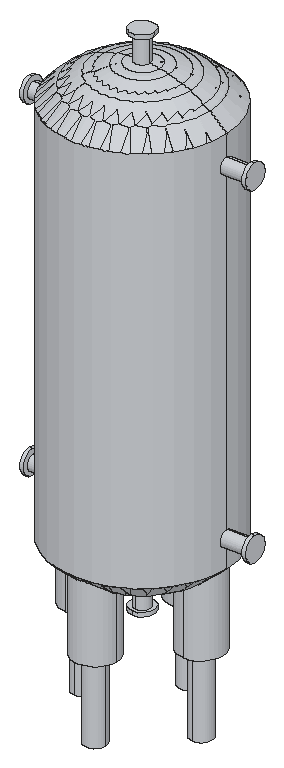
Revit family "M_Reservatório de armazenamento - Vertical", category Equipamento mecânico, Revit 2019
Family settings
  Cota do conector redondo = Usar raio
  Tipo de parte = Normal
  Número OmniClass = 23.15.30.27.11
  Título OmniClass = Tanks, Reservoirs
  ID de item do Seek = Storage Tank - Vertical-0000-CAN-ENU
  Com base no plano de trabalho = Não
  Sempre na vertical = Sim
  Corte com vazios quando carregada = Não
  Compartilhado = Não
  Ponto de cálculo do ambiente = Não
Parameters (values of type "456 L")
  Raio do reservatório = Diâmetro do reservatório / 2  # 300 mm
  Material do reservatório = none
  Altura do reservatório = 1650 mm
  Diâmetro do reservatório = 600 mm
  Raio = (Altura 1 * Altura 1 + 0.25 * Diâmetro do reservatório * Diâmetro do reservatório) * 0.5 / Altura 1  # 406.909 mm
  Raio da saída = 25 mm
  Diâmetro da saída = Raio da saída * 2  # 50 mm
  Raio da embocadura = 25 mm
  Diâmetro da embocadura = Raio da embocadura * 2  # 50 mm
  Altura 2 = 0.06 * Altura do reservatório  # 99 mm
  Altura 1 = 0.08 * Altura do reservatório  # 132 mm
  Raio do sanitário = 25 mm
  Diâmetro do sanitário = Raio do sanitário * 2  # 50 mm
  Fluxo [instance] = 0.0 L/s
  Diâmetro 1 = 0.7 * Diâmetro do reservatório  # 420 mm
  Raio externo do conector = 0.5 * Diâmetro externo do conector  # 27.5 mm
  Diâmetro externo do conector = Diâmetro da embocadura * 1.1  # 55 mm
  Raio externo da flange do conector = 0.5 * Diâmetro externo da flange do conector  # 42.5 mm
  Diâmetro externo da flange do conector = Diâmetro da embocadura * 1.7  # 85 mm
  Assembly Code = ""
Types (8, lengths in mm): name | Raio do reservatório | Altura do reservatório | Diâmetro do reservatório | Raio | Raio da saída | Diâmetro da saída | Raio da embocadura | Diâmetro da embocadura | Altura 2 | Altura 1 | Raio do sanitário | Diâmetro do sanitário | Diâmetro 1 | Raio externo do conector | Diâmetro externo do conector | Raio externo da flange do conector | Diâmetro externo da flange do conector
  456 L | 300 | 1650 | 600 | 406.909 | 25 | 50 | 25 | 50 | 99 | 132 | 25 | 50 | 420 | 27.5 | 55 | 42.5 | 85
  760 L | 375 | 1820 | 750 | 555.716 | 32.5 | 65 | 32.5 | 65 | 109.2 | 145.6 | 32.5 | 65 | 525 | 35.75 | 71.5 | 55.25 | 110.5
  1330 L | 450 | 2230 | 900 | 656.745 | 32.5 | 65 | 32.5 | 65 | 133.8 | 178.4 | 32.5 | 65 | 630 | 35.75 | 71.5 | 55.25 | 110.5
  1900 L | 600 | 2420 | 1200 | 1026.552 | 40 | 80 | 40 | 80 | 145.2 | 193.6 | 40 | 80 | 840 | 44 | 88 | 68 | 136
  2850 L | 600 | 2690 | 1200 | 944.031 | 40 | 80 | 40 | 80 | 161.4 | 215.2 | 40 | 80 | 840 | 44 | 88 | 68 | 136
  3800 L | 600 | 3500 | 1200 | 782.857 | 40 | 80 | 40 | 80 | 210 | 280 | 40 | 80 | 840 | 44 | 88 | 68 | 136
  7600 L | 675 | 3500 | 1350 | 953.616 | 40 | 80 | 40 | 80 | 210 | 280 | 40 | 80 | 945 | 44 | 88 | 68 | 136
  11400 L | 750 | 3500 | 1500 | 1144.464 | 40 | 80 | 40 | 80 | 210 | 280 | 40 | 80 | 1050 | 44 | 88 | 68 | 136
Reference planes
  plane 1 "Centro (Frente/Trás)": y = 0
  plane 2: z = 0
  plane 3 "Centro (Esquerda/Direita)": x = 0
  plane 4: z = 431.8
  plane 5: z = 563.8
  plane 6: z = 662.8
  plane 7: z = 2081.8
  plane 8: z = 1949.8
  plane 9: z = 1850.8
  plane 10: z = 2170.7
  plane 11: z = 2183.4
  plane 12: z = 342.9
  plane 13: z = 330.2
  plane 14: z = 281.9
  plane 15: x = -210
  plane 16: x = 210
  plane 17: y = 210
  plane 18: y = -210
  plane 19: z = 838.709
  plane 20: z = 1674.891
  plane 21: x = -300
  plane 22: x = 300
  plane 23: x = -388.9
  plane 24: x = 388.9
  plane 25: x = -401.6
  plane 26: x = 401.6
Forms (mm)
  Revolve 1, solid, material <- "Material do reservatório"
    sketch origin (0, 0, 0) x (1, 0, 0) y (0, 0, 1)
      loop
        line (-300, 1949.8) -> (-300, 563.8)
        arc (-300, 563.8) -> (-163.878, 466.259) -> (0, 431.8) r 406.909
        line (0, 431.8) -> (0, 2081.8)
        arc (0, 2081.8) -> (-163.878, 2047.341) -> (-300, 1949.8) r 406.909
      axis (0, 2081.8) -> (0, 431.8)
    angle from 0 to 360
  Sweep 2, solid, material <- "Material do reservatório"
    path origin (0, 0, 0) x (1, 0, 0) y (0, 0, 1)
      loop
        line (-210, 563.8) -> (-210, 281.9)
    profile origin (-210, 0, 422.85) x (0, -1, 0) y (1, 0, 0)
      loop
        circle (0, 0) r 76.2
  Sweep 3, solid, material <- "Material do reservatório"
    path origin (0, 0, 0) x (1, 0, 0) y (0, 0, 1)
      loop
        line (210, 563.8) -> (210, 281.9)
    profile origin (210, 0, 422.85) x (0, -1, 0) y (1, 0, 0)
      loop
        circle (0, 0) r 76.2
  Sweep 4, solid, material <- "Material do reservatório"
    path origin (0, 0, 0) x (0, 1, 0) y (0, 0, 1)
      loop
        line (210, 563.8) -> (210, 281.9)
    profile origin (0, 210, 422.85) x (1, 0, 0) y (0, 1, 0)
      loop
        circle (0, 0) r 76.2
  Sweep 5, solid, material <- "Material do reservatório"
    path origin (0, 0, 0) x (0, 1, 0) y (0, 0, 1)
      loop
        line (-210, 563.8) -> (-210, 281.9)
    profile origin (0, -210, 422.85) x (1, 0, 0) y (0, 1, 0)
      loop
        circle (0, 0) r 76.2
  Sweep 6, solid, material <- "Material do reservatório"
    path origin (0, 0, 0) x (1, 0, 0) y (0, 0, 1)
      loop
        line (-210, 281.9) -> (-210, 0)
    profile origin (-210, 0, 140.95) x (0, -1, 0) y (1, 0, 0)
      loop
        circle (0, 0) r 38.1
  Sweep 7, solid, material <- "Material do reservatório"
    path origin (0, 0, 0) x (1, 0, 0) y (0, 0, 1)
      loop
        line (210, 281.9) -> (210, 0)
    profile origin (210, 0, 140.95) x (0, -1, 0) y (1, 0, 0)
      loop
        circle (0, 0) r 38.1
  Sweep 8, solid, material <- "Material do reservatório"
    path origin (0, 0, 0) x (0, 1, 0) y (0, 0, 1)
      loop
        line (210, 281.9) -> (210, 0)
    profile origin (0, 210, 140.95) x (1, 0, 0) y (0, 1, 0)
      loop
        circle (0, 0) r 38.1
  Sweep 9, solid, material <- "Material do reservatório"
    path origin (0, 0, 0) x (0, 1, 0) y (0, 0, 1)
      loop
        line (-210, 281.9) -> (-210, 0)
    profile origin (0, -210, 140.95) x (1, 0, 0) y (0, 1, 0)
      loop
        circle (0, 0) r 38.1
  Sweep 10, solid, material <- "Material do reservatório"
    path origin (0, 0, 0) x (1, 0, 0) y (0, 0, 1)
      loop
        line (0, 1949.8) -> (0, 2170.7)
    profile origin (0, 0, 2060.25) x (-1, 0, 0) y (0, -1, 0)
      loop
        circle (0, 0) r 27.5
  Sweep 11, solid, material <- "Material do reservatório"
    path origin (0, 0, 0) x (1, 0, 0) y (0, 0, 1)
      loop
        line (0, 2170.7) -> (0, 2183.4)
    profile origin (0, 0, 2177.05) x (-1, 0, 0) y (0, -1, 0)
      loop
        circle (0, 0) r 42.5
  Sweep 12, solid, material <- "Material do reservatório"
    path origin (0, 0, 0) x (1, 0, 0) y (0, 0, 1)
      loop
        line (0, 563.8) -> (0, 342.9)
    profile origin (0, 0, 453.35) x (0, -1, 0) y (1, 0, 0)
      loop
        circle (0, 0) r 27.5
  Sweep 13, solid, material <- "Material do reservatório"
    path origin (0, 0, 0) x (1, 0, 0) y (0, 0, 1)
      loop
        line (0, 342.9) -> (0, 330.2)
    profile origin (0, 0, 336.55) x (0, -1, 0) y (1, 0, 0)
      loop
        circle (0, 0) r 42.5
  Sweep 14, solid, material <- "Material do reservatório"
    path origin (0, 0, 0) x (1, 0, 0) y (0, 0, 1)
      loop
        line (-210, 1850.8) -> (-388.9, 1850.8)
    profile origin (-299.45, 0, 1850.8) x (0, 0, -1) y (0, -1, 0)
      loop
        circle (0, 0) r 27.5
  Sweep 15, solid, material <- "Material do reservatório"
    path origin (0, 0, 0) x (1, 0, 0) y (0, 0, 1)
      loop
        line (-388.9, 1850.8) -> (-401.6, 1850.8)
    profile origin (-395.25, 0, 1850.8) x (0, 0, -1) y (0, -1, 0)
      loop
        circle (0, 0) r 42.5
  Sweep 16, solid, material <- "Material do reservatório"
    path origin (0, 0, 0) x (1, 0, 0) y (0, 0, 1)
      loop
        line (210, 1850.8) -> (388.9, 1850.8)
    profile origin (299.45, 0, 1850.8) x (0, 0, 1) y (0, -1, 0)
      loop
        circle (0, 0) r 27.5
  Sweep 17, solid, material <- "Material do reservatório"
    path origin (0, 0, 0) x (1, 0, 0) y (0, 0, 1)
      loop
        line (388.9, 1850.8) -> (401.6, 1850.8)
    profile origin (395.25, 0, 1850.8) x (0, 0, 1) y (0, -1, 0)
      loop
        circle (0, 0) r 42.5
  Sweep 18, solid, material <- "Material do reservatório"
    path origin (0, 0, 0) x (1, 0, 0) y (0, 0, 1)
      loop
        line (-210, 662.8) -> (-388.9, 662.8)
    profile origin (-299.45, 0, 662.8) x (0, 0, -1) y (0, -1, 0)
      loop
        circle (0, 0) r 27.5
  Sweep 19, solid, material <- "Material do reservatório"
    path origin (0, 0, 0) x (1, 0, 0) y (0, 0, 1)
      loop
        line (-388.9, 662.8) -> (-401.6, 662.8)
    profile origin (-395.25, 0, 662.8) x (0, 0, -1) y (0, -1, 0)
      loop
        circle (0, 0) r 42.5
  Sweep 20, solid, material <- "Material do reservatório"
    path origin (0, 0, 0) x (1, 0, 0) y (0, 0, 1)
      loop
        line (210, 662.8) -> (388.9, 662.8)
    profile origin (299.45, 0, 662.8) x (0, 0, 1) y (0, -1, 0)
      loop
        circle (0, 0) r 27.5
  Sweep 21, solid, material <- "Material do reservatório"
    path origin (0, 0, 0) x (1, 0, 0) y (0, 0, 1)
      loop
        line (388.9, 662.8) -> (401.6, 662.8)
    profile origin (395.25, 0, 662.8) x (0, 0, 1) y (0, -1, 0)
      loop
        circle (0, 0) r 42.5
  Revolve 22, solid, material <- "Material do reservatório"
    sketch origin (0, 0, 0) x (1, 0, 0) y (0, 0, 1)
      loop
        line (-300, 1949.8) -> (-300, 563.8)
        arc (-300, 563.8) -> (-163.878, 466.259) -> (0, 431.8) r 406.909
        line (0, 431.8) -> (0, 2081.8)
        arc (0, 2081.8) -> (-163.878, 2047.341) -> (-300, 1949.8) r 406.909
      axis (0, 2081.8) -> (0, 431.8)
    angle from 0 to 360
Cuts and joins
  joined: Sweep 5, Sweep 9
  joined: Revolve 1, Sweep 14, Sweep 16, Sweep 18, Sweep 19
  joined: Sweep 2, Sweep 6
  joined: Sweep 10, Sweep 11, Sweep 12, Sweep 13, Sweep 20, Sweep 21, Revolve 22
  joined: Sweep 3, Sweep 7
  joined: Sweep 4, Sweep 8
Lines and regions (mm)
  symbolic lines, detail levels fine
    curve 1: circle (0, 0, 0) r 42.5 normal (0, 0, 1)
Dimensions and locks
  locked: plane 4 to plane 2 at 431.8
  "Altura 1": plane 5 to plane 4
  "Altura 2": plane 6 to plane 5
  "Altura do reservatório": plane 7 to plane 4
  "Altura 1": plane 7 to plane 8
  "Altura 2": plane 8 to plane 9
  locked: plane 10 to plane 7 at 88.9
  locked: plane 11 to plane 10 at 12.7
  locked: plane 4 to plane 12 at 88.9
  locked: plane 12 to plane 13 at 12.7
  plane 4 to plane 14 to plane 2 = 149.9 mm, 281.9 mm
  equal spacing: plane 5, plane 14, plane 2
  "Diâmetro 1": plane 17 to plane 18
  equal spacing: plane 17, plane 1 "Centro (Frente/Trás)", plane 18
  "Diâmetro 1": plane 15 to plane 16
  equal spacing: plane 15, plane 3 "Centro (Esquerda/Direita)", plane 16
  "Raio": plane 19 to plane 4
  "Raio": plane 7 to plane 20
  "Diâmetro do reservatório": plane 22 to plane 21
  equal spacing: plane 22, plane 3 "Centro (Esquerda/Direita)", plane 21
  locked: plane 21 to plane 23 at 88.9
  locked: plane 24 to plane 22 at 88.9
  locked: plane 23 to plane 25 at 12.7
  locked: plane 26 to plane 24 at 12.7
  radius of Sweep 2 sketch curve = 76.2 mm
  radius of Sweep 4 sketch curve = 76.2 mm
  radius of Sweep 5 sketch curve = 76.2 mm
  radius of Sweep 6 sketch curve = 38.1 mm
  radius of Sweep 7 sketch curve = 38.1 mm
  radius of Sweep 8 sketch curve = 38.1 mm
  radius of Sweep 9 sketch curve = 38.1 mm
  "Raio externo do conector": radius of Sweep 10 sketch curve
  "Raio externo da flange do conector": radius of Sweep 11 sketch curve
  "Raio externo do conector": radius of Sweep 12 sketch curve
  "Raio externo da flange do conector": radius of Sweep 13 sketch curve
  "Raio externo do conector": radius of Sweep 14 sketch curve
  "Raio externo da flange do conector": radius of Sweep 15 sketch curve
  "Raio externo do conector": radius of Sweep 16 sketch curve
  "Raio externo da flange do conector": radius of Sweep 17 sketch curve
  "Raio externo do conector": radius of Sweep 18 sketch curve
  "Raio externo da flange do conector": radius of Sweep 19 sketch curve
  "Raio externo do conector": radius of Sweep 20 sketch curve
  "Raio externo da flange do conector": radius of Sweep 21 sketch curve
  "Raio externo da flange do conector": radius of curve 1
  aligned and locked: plane 2 to level
  aligned and locked: plane 7 to Revolve 1 sketch curve
  aligned and locked: Revolve 1 sketch curve to plane 21
  aligned and locked: plane 3 "Centro (Esquerda/Direita)" to Revolve 1 sketch curve  (x4)
  aligned and locked: plane 8 to Revolve 1 sketch curve
  aligned and locked: plane 5 to Revolve 1 sketch curve
  aligned and locked: plane 21 to Revolve 1 sketch curve
  aligned and locked: plane 4 to Revolve 1 sketch curve
  aligned and locked: Revolve 1 sketch curve to Revolve 1 sketch curve
  aligned and locked: Sweep 2 sketch curve to plane 15
  aligned and locked: plane 5 to Sweep 2 sketch curve
  aligned and locked: plane 14 to Sweep 2 sketch curve
  aligned and locked: Sweep 3 sketch curve to plane 16
  aligned and locked: plane 5 to Sweep 3 sketch curve
  aligned and locked: plane 14 to Sweep 3 sketch curve
  aligned and locked: plane 17 to Sweep 4 sketch curve
  aligned and locked: plane 5 to Sweep 4 sketch curve
  aligned and locked: plane 14 to Sweep 4 sketch curve
  aligned and locked: plane 18 to Sweep 5 sketch curve
  aligned and locked: plane 5 to Sweep 5 sketch curve
  aligned and locked: plane 14 to Sweep 5 sketch curve
  aligned and locked: Sweep 6 sketch curve to plane 15
  aligned and locked: plane 14 to Sweep 6 sketch curve
  aligned and locked: plane 2 to Sweep 6 sketch curve
  aligned and locked: Sweep 7 sketch curve to plane 16
  aligned and locked: plane 14 to Sweep 7 sketch curve
  aligned and locked: plane 2 to Sweep 7 sketch curve
  aligned and locked: plane 17 to Sweep 8 sketch curve
  aligned and locked: plane 14 to Sweep 8 sketch curve
  aligned and locked: plane 2 to Sweep 8 sketch curve
  aligned and locked: plane 14 to Sweep 9 sketch curve
  aligned and locked: plane 2 to Sweep 9 sketch curve
  aligned and locked: plane 18 to Sweep 9 sketch curve
  aligned and locked: plane 3 "Centro (Esquerda/Direita)" to Sweep 10 sketch curve
  aligned and locked: plane 10 to Sweep 10 sketch curve
  aligned and locked: plane 8 to Sweep 10 sketch curve
  aligned and locked: plane 3 "Centro (Esquerda/Direita)" to Sweep 11 sketch curve
  aligned and locked: plane 11 to Sweep 11 sketch curve
  aligned and locked: plane 10 to Sweep 11 sketch curve
  aligned and locked: Sweep 12 sketch curve to plane 3 "Centro (Esquerda/Direita)"
  aligned and locked: plane 5 to Sweep 12 sketch curve
  aligned and locked: plane 12 to Sweep 12 sketch curve
  aligned and locked: Sweep 13 sketch curve to plane 3 "Centro (Esquerda/Direita)"
  aligned and locked: plane 12 to Sweep 13 sketch curve
  aligned and locked: plane 13 to Sweep 13 sketch curve
  aligned and locked: plane 9 to Sweep 14 sketch curve
  aligned and locked: plane 23 to Sweep 14 sketch curve
  aligned and locked: plane 9 to Sweep 15 sketch curve
  aligned and locked: plane 25 to Sweep 15 sketch curve
  aligned and locked: plane 23 to Sweep 15 sketch curve
  aligned and locked: Sweep 16 sketch curve to plane 9
  aligned and locked: plane 24 to Sweep 16 sketch curve
  aligned and locked: Sweep 17 sketch curve to plane 9
  aligned and locked: plane 24 to Sweep 17 sketch curve
  aligned and locked: plane 26 to Sweep 17 sketch curve
  aligned and locked: plane 6 to Sweep 18 sketch curve
  aligned and locked: plane 23 to Sweep 18 sketch curve
  aligned and locked: plane 6 to Sweep 19 sketch curve
  aligned and locked: plane 25 to Sweep 19 sketch curve
  aligned and locked: plane 23 to Sweep 19 sketch curve
  aligned and locked: Sweep 20 sketch curve to plane 6
  aligned and locked: plane 24 to Sweep 20 sketch curve
  aligned and locked: Sweep 21 sketch curve to plane 6
  aligned and locked: plane 24 to Sweep 21 sketch curve
  aligned and locked: plane 26 to Sweep 21 sketch curve
  aligned and locked: plane 15 to Sweep 14 sketch curve
  aligned and locked: plane 16 to Sweep 16 sketch curve
  aligned and locked: plane 15 to Sweep 18 sketch curve
  aligned and locked: plane 16 to Sweep 20 sketch curve
  aligned and locked: plane 3 "Centro (Esquerda/Direita)" to Revolve 22 sketch curve  (x3)
  aligned and locked: plane 8 to Revolve 22 sketch curve
  aligned and locked: plane 21 to Revolve 22 sketch curve  (x2)
  aligned and locked: plane 5 to Revolve 22 sketch curve
  aligned and locked: plane 4 to Revolve 22 sketch curve
  aligned and locked: Revolve 22 sketch curve to plane 3 "Centro (Esquerda/Direita)"
  aligned and locked: plane 7 to Revolve 22 sketch curve
  aligned and locked: Revolve 22 sketch curve to Revolve 22 sketch curve
  aligned and locked: plane 1 "Centro (Frente/Trás)" to curve 1
Automatic sketch dimensions
  Revolve 1 sketch curve to plane 4 = 0 mm
  Revolve 1 sketch curve to plane 7 = 0 mm
  Sweep 2 sketch curve to plane 1 "Centro (Frente/Trás)" = 0 mm
  Sweep 2 sketch curve to profile plane = 0 mm
  Sweep 3 sketch curve to plane 1 "Centro (Frente/Trás)" = 0 mm
  Sweep 3 sketch curve to profile plane = 0 mm
  Sweep 4 sketch curve to plane 3 "Centro (Esquerda/Direita)" = 0 mm
  Sweep 4 sketch curve to profile plane = 0 mm
  Sweep 5 sketch curve to plane 3 "Centro (Esquerda/Direita)" = 0 mm
  Sweep 5 sketch curve to profile plane = 0 mm
  Sweep 6 sketch curve to plane 1 "Centro (Frente/Trás)" = 0 mm
  Sweep 6 sketch curve to profile plane = 0 mm
  Sweep 7 sketch curve to plane 1 "Centro (Frente/Trás)" = 0 mm
  Sweep 7 sketch curve to profile plane = 0 mm
  Sweep 8 sketch curve to plane 3 "Centro (Esquerda/Direita)" = 0 mm
  Sweep 8 sketch curve to profile plane = 0 mm
  Sweep 9 sketch curve to plane 3 "Centro (Esquerda/Direita)" = 0 mm
  Sweep 9 sketch curve to profile plane = 0 mm
  Sweep 10 sketch curve to plane 1 "Centro (Frente/Trás)" = 0 mm
  Sweep 10 sketch curve to profile plane = 0 mm
  Sweep 11 sketch curve to plane 1 "Centro (Frente/Trás)" = 0 mm
  Sweep 11 sketch curve to profile plane = 0 mm
  Sweep 12 sketch curve to plane 1 "Centro (Frente/Trás)" = 0 mm
  Sweep 12 sketch curve to profile plane = 0 mm
  Sweep 13 sketch curve to plane 1 "Centro (Frente/Trás)" = 0 mm
  Sweep 13 sketch curve to profile plane = 0 mm
  Sweep 14 sketch curve to plane 1 "Centro (Frente/Trás)" = 0 mm
  Sweep 14 sketch curve to profile plane = 0 mm
  Sweep 15 sketch curve to plane 1 "Centro (Frente/Trás)" = 0 mm
  Sweep 15 sketch curve to profile plane = 0 mm
  Sweep 16 sketch curve to plane 1 "Centro (Frente/Trás)" = 0 mm
  Sweep 16 sketch curve to profile plane = 0 mm
  Sweep 17 sketch curve to plane 1 "Centro (Frente/Trás)" = 0 mm
  Sweep 17 sketch curve to profile plane = 0 mm
  Sweep 18 sketch curve to plane 1 "Centro (Frente/Trás)" = 0 mm
  Sweep 18 sketch curve to profile plane = 0 mm
  Sweep 19 sketch curve to plane 1 "Centro (Frente/Trás)" = 0 mm
  Sweep 19 sketch curve to profile plane = 0 mm
  Sweep 20 sketch curve to plane 1 "Centro (Frente/Trás)" = 0 mm
  Sweep 20 sketch curve to profile plane = 0 mm
  Sweep 21 sketch curve to plane 1 "Centro (Frente/Trás)" = 0 mm
  Sweep 21 sketch curve to profile plane = 0 mm
  Revolve 22 sketch curve to plane 4 = 0 mm
  Revolve 22 sketch curve to plane 7 = 0 mm
  curve 1 to plane 3 "Centro (Esquerda/Direita)" = 0 mm
  radius of Sweep 3 sketch curve = 76.2 mm
Connectors
  piping at (-401.6, 0, 662.8), diameter 50, driven by "Raio da embocadura", driven by "Fluxo"
    settings: on cut or joined group of Revolve 1, Sweep 14, Sweep 16, Sweep 18, Sweep 19, index 1, connector inside diameter 50 mm, connector length 0 mm, flow factor 0, pipe flow 0.0 L/s, pressure drop 0.0 Pa, fitting loss kfactor 0, connector angle 0.00°, fixture units 0, engagement length 0 mm, angle of deflection 0.00°, flow configuration 1, flow direction 1, fitting loss method 4, system type 22, joint type 0, gender type 0, connector reference index -1, connector utility 0, adjustable connector no, is connector primary yes, connector description "Entrada do reservatório"
  piping at (0, 0, 2183.4), diameter 50, driven by "Raio da saída", driven by "Fluxo"
    settings: on cut or joined group of Sweep 10, Sweep 11, Sweep 12, Sweep 13, Sweep 20, Sweep 21, Revolve 22, index 2, connector inside diameter 50 mm, connector length 0 mm, flow factor 0, pipe flow 0.0 L/s, pressure drop 0.0 Pa, fitting loss kfactor 0, connector angle 0.00°, fixture units 0, engagement length 0 mm, angle of deflection 0.00°, flow configuration 0, flow direction 2, fitting loss method 4, system type 22, joint type 0, gender type 0, connector reference index -1, connector utility 0, adjustable connector no, is connector primary no, connector description "Saída do reservatório"
  piping at (0, 0, 330.2), diameter 50, driven by "Raio do sanitário"
    settings: on cut or joined group of Sweep 10, Sweep 11, Sweep 12, Sweep 13, Sweep 20, Sweep 21, Revolve 22, index 3, connector inside diameter 50 mm, connector length 0 mm, flow factor 0, pipe flow 0.0 L/s, pressure drop 0.0 Pa, fitting loss kfactor 0, connector angle 0.00°, fixture units 0, engagement length 0 mm, angle of deflection 0.00°, flow configuration 1, flow direction 2, fitting loss method 0, system type 16, joint type 0, gender type 0, connector reference index -1, connector utility 0, adjustable connector no, is connector primary no, connector description "Saída"
